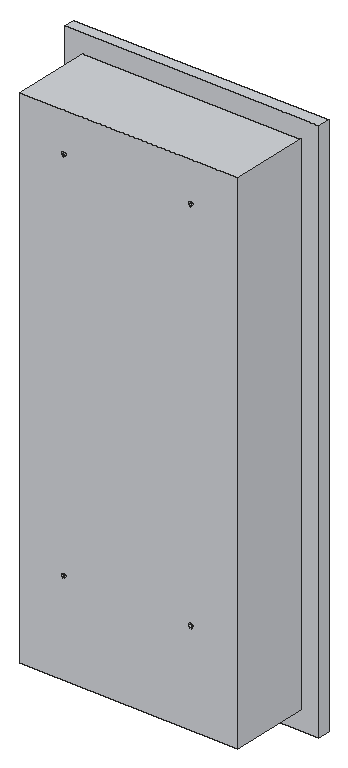
Revit family "AX8963E102-OPEN_0002", category Appareils sanitaires, Revit 2016
Family settings
  Hôte = Mur
  Type d'élément = Normal
  Cote de connecteur circulaire = Utiliser le diamètre
  Numéro OmniClass = 23.75.00.00
  Titre OmniClass = Climate Control (HVAC)
  Toujours verticalement = Oui
  Couper avec des vides une fois chargée = Non
  Partagée = Non
  Point de calcul de pièce = Non
Parameters (values of type "Type 1")
  URL = "https://www.axeuro.com/fr/poubelles/25529-poubelle-murale-a-encastrer-ax8963e102-open.html?search_query=ax8963&results=4"
  Modèle = "AX8963E102-OPEN"  # constant formula
  Matériaux = "En inox 304 (18/10) Bactériostatique"  # constant formula
  Finition = "Brossé Poli Satiné HyperPolish"  # constant formula
  Fabricant = "Axeuro"  # constant formula
  Description = "Poubelle murale"  # constant formula
Reference planes
  plane 1 "Mur": y = 0
  plane 2 "Centre (gauche/droite)": x = 0
  plane 3 "Arrière": y = 75
Forms (mm)
  Extrusion 1, solid
    sketch origin (-85, -99.031, 0) x (0, 1, 0) y (0, 0, 1)
      loop
        line (174.031, 1739.299) -> (174.031, 1028.291) -> (189.031, 1028.291) -> (189.031, 1739.299) -> (174.031, 1739.299)
    from -80 to 250
  Extrusion 2, void
    sketch origin (552.568, -24.031, 153.664) x (1, 0, 0) y (0, 0, 1)
      loop
        line (-434.68, 1545.635) -> (-670.457, 1545.635)
        arc (-670.457, 1545.635) -> (-675.486, 1543.552) -> (-677.568, 1538.524) r 7.111
        line (-677.568, 1538.524) -> (-677.568, 1432.747)
        arc (-677.568, 1432.747) -> (-675.486, 1427.718) -> (-670.457, 1425.635) r 7.111
        line (-670.457, 1425.635) -> (-434.68, 1425.635)
        arc (-434.68, 1425.635) -> (-429.651, 1427.718) -> (-427.568, 1432.747) r 7.111
        line (-427.568, 1432.747) -> (-427.568, 1538.524)
        arc (-427.568, 1538.524) -> (-429.651, 1543.552) -> (-434.68, 1545.635) r 7.111
    from -114.031 to -112.031
  Extrusion 3, solid
    sketch origin (0, -205, 0) x (1, 0, 0) y (0, 1, 0)
      loop
        line (-141, 280) -> (-141, 178) -> (141, 178) -> (141, 280) -> (-141, 280)
    from 1052.295 to 1715.295
  Extrusion 4, void
    sketch origin (0, -205, 16) x (1, 0, 0) y (0, 0, 1)
      loop
        circle (-83.996, 1647.698) r 3
    from -180 to -178
  Extrusion 5, void
    sketch origin (165, -205, 16) x (1, 0, 0) y (0, 0, 1)
      loop
        circle (-83.996, 1647.698) r 3
    from -180 to -178
  Extrusion 6, void
    sketch origin (0, -205, -474) x (1, 0, 0) y (0, 0, 1)
      loop
        circle (-83.996, 1647.698) r 3
    from -180 to -178
  Extrusion 7, void
    sketch origin (165, -205, -474) x (1, 0, 0) y (0, 0, 1)
      loop
        circle (-83.996, 1647.698) r 3
    from -180 to -178
  Extrusion 8, void
    sketch origin (0, 75, 0) x (1, 0, 0) y (0, 0, 1)
      loop
        line (139, 1713.295) -> (-139, 1713.295) -> (-139, 1054.295) -> (139, 1054.295) -> (139, 1713.295)
    from -13 to 100
Cuts and joins
  Extrusion 2, Extrusion 8 cuts Extrusion 1
  Extrusion 4, Extrusion 5, Extrusion 6, Extrusion 7 cuts Extrusion 3
Text (mm)
  text "Côté de la mise en place" at (-1820.995, 1116.779, 0), in view "Niveau de réf."
  text "Côté de la mise en place" at (0, 1334.055, 2976.191), in view "Gauche"
  text "Côté de la mise en place" at (0, 439.194, 2944.362), in view "Droite"
Dimensions and locks
  locked: plane 3 "Arrière" to host wall
  aligned and locked: plane 1 "Mur" to host wall
